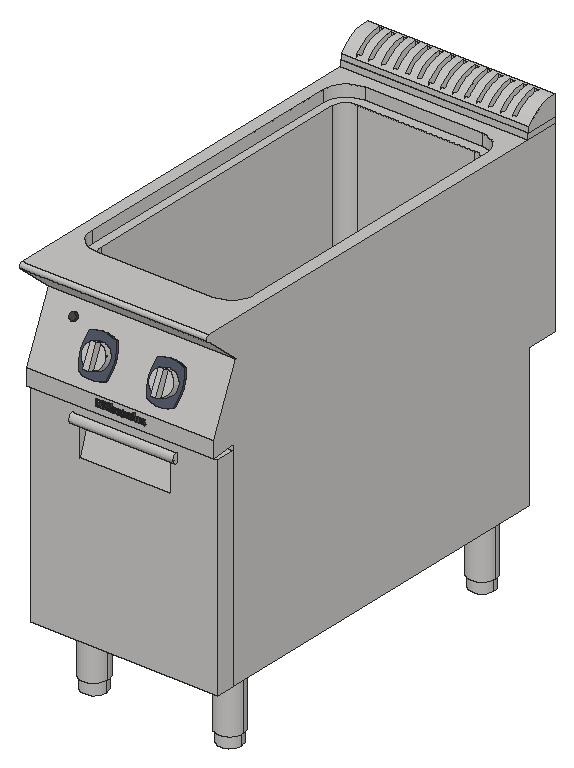
Revit family "QF_ELECTROLUXPROFESSIONAL_391111_E9PCGD1MF0", category Specialty Equipment, Revit 2018
Family settings
  Round Connector Dimension = Use Diameter
  Part Type = Normal
  Work Plane-Based = No
  Always vertical = Yes
  Cut with Voids When Loaded = No
  Shared = No
  Room Calculation Point = No
Parameters
  Width = 400 mm  # constant formula
  Weight in Pounds = 62  # constant formula
  Watts = 0 W
  Waste Water Discharge Temperature [instance] = -459.67 °F
  URL Cutsheet = "www.electrolux.com/foodservice"
  URL = "www.electrolux.com/foodservice"
  Type Mark [instance] = ""
  Status [instance] = ""
  Specification by User [instance] = ""
  Specification by Manufacturer = ""
  Show Logo [instance] = yes
  Show Clearance [instance] = yes
  Serial Number = ""
  Seismic Rating = ""
  SMACNA No = ""
  Revision Code [instance] = ""
  Plumbing Remarks [instance] = ""
  Plumbing Connection Type [instance] = ""
  Omniclass Number and Title = ""
  NAFEM Spec ID Number = ""
  Model = "391111"
  Mechanical Remarks [instance] = ""
  Mechanical Connection Type [instance] = ""
  Masterspec = ""
  Manufacturer = "ELECTROLUX"
  Item Number [instance] = ""
  Installed By [instance] = ""
  Indirect Waste Size = 1"
  Indirect Waste Flow [instance] = 0 GPM
  Indirect Waste Connection Type [instance] = ""
  Indirect Waste Connection Height = 0 mm
  Identify Quantity as Lot [instance] = yes
  Height = 851 mm  # constant formula
  HP = "0 HP"
  Gas Size = 1/2"
  Gas RI Height [instance] = 0 mm
  Gas KW = 16.5  # constant formula
  Gas Input = 16484.8 VA  # 56248.5 Btu/h
  Gas Connection Height = 0 mm
  Furnished By [instance] = ""
  Foodservice Equipment Identifier [instance] = yes
  Direct Waste Size = 1"
  Description = "900XP GAS PASTA COOKER, 40LT WELL, 1 WELL"
  Depth = 930 mm  # constant formula
  Cold Water Temperature Recommended [instance] = -459.67 °F
  Cold Water Size = 3/4"
  Cold Water RI Height [instance] = 0 mm
  Cold Water Minimum Pressure = 0.00 psi
  Cold Water Maximum Pressure = 0.00 psi
  Cold Water Flow [instance] = 0 GPM
  Cold Water Consumption = ""
  Cold Water Connection Height = 0 mm
  CSI MasterFormat = ""
  CSI Master Format = ""
  Base Height [instance] = 150 mm  # constant formula
Reference planes
  plane 1 "BACK": y = 0
  plane 2: z = 0
  plane 3 "LEFT": x = 0
  plane 4 "RIGHT": x = 400
  plane 5 "FRONT": y = -930
  plane 6 "TOP": z = 908
  plane 7 "Center Y": x = 200
  plane 8 "Center X": y = -465
  plane 9 "BASE": z = 601.763
  plane 10 "TOP A": z = 851
  plane 11: z = 150
  plane 12: y = -126
  plane 13: y = -800
  plane 14: y = -1273
  plane 15: x = 345
  plane 16: x = 55
  plane 17: y = -1273
  plane 18: x = 65
  plane 19: x = 232
  plane 20: x = 334.782
Forms (mm)
  Extrusion 1, solid, material "QF_Finishes_Stainless Steel"
    sketch origin (0, 0, 0) x (0, 1, 0) y (0, 0, 1)
      loop
        line (0, 851) -> (-923.65, 851)
        arc (-923.65, 851) -> (-929.517, 847.08) -> (-928.14, 840.16) r 6.35
        line (-928.14, 840.16) -> (-852.034, 773.495) -> (-912.145, 642.892) -> (-912.145, 608.853) -> (-858.773, 614.463) -> (-858.773, 150) -> (-70, 150) -> (-70, 451.763) -> (0, 451.763) -> (0, 851)
      loop
        line (-900, 601.763) -> (-900, 150) -> (-860.361, 150) -> (-860.361, 601.763) -> (-900, 601.763)
    from 0 to 400
  Extrusion 2, void
    sketch origin (0, 0, 851) x (-1, 0, 0) y (0, -1, 0)
      loop
        arc (-75, 101.89) -> (-39.645, 116.535) -> (-25, 151.89) r 50
        line (-25, 151.89) -> (-25, 770)
        arc (-25, 770) -> (-39.645, 805.355) -> (-75, 820) r 50
        line (-75, 820) -> (-325, 820)
        arc (-325, 820) -> (-360.355, 805.355) -> (-375, 770) r 50
        line (-375, 770) -> (-375, 151.89)
        arc (-375, 151.89) -> (-360.355, 116.535) -> (-325, 101.89) r 50
        line (-325, 101.89) -> (-75, 101.89)
    from 0 to -25
  Extrusion 3, solid, material "QF_Clearances", visible <- "Show Clearance", detail levels coarse
    sketch origin (0, 0, 0) x (1, 0, 0) y (0, 1, 0)
      loop
        line (0, -930) -> (0, 0) -> (400, 0) -> (400, -930) -> (550.019, -930) -> (550.019, 150.019) -> (-150.019, 150.019) -> (-150.019, -930) -> (0, -930)
    from 0 to 908
  Revolve 4, solid, material "QF_Finishes_Stainless Steel"
    sketch origin (0, -126, 608.09) x (0, 0, 1) y (-1, 0, 0)
      loop
        line (-608.09, -55) -> (-458.09, -55) -> (-458.09, -26) -> (-583.09, -26) -> (-583.09, -28.75) -> (-608.09, -28.75) -> (-608.09, -55)
      axis (-608.09, -55) -> (-458.09, -55)
    angle from 0 to 360
  Revolve 5, solid, material "QF_Finishes_Stainless Steel"
    sketch origin (400.05, -126, 608.09) x (0, 0, 1) y (-1, 0, 0)
      loop
        line (-608.09, 55.05) -> (-608.09, 29.8) -> (-583.09, 29.8) -> (-583.09, 26.05) -> (-458.09, 26.05) -> (-458.09, 55.05) -> (-608.09, 55.05)
      axis (-608.09, 55.05) -> (-458.09, 55.05)
    angle from 0 to 360
  Extrusion 6, solid, material "QF_Door-Drawer Clearances", visible <- "Show Clearance", detail levels coarse
    sketch origin (0, 0, 851) x (-1, 0, 0) y (0, -1, 0)
      loop
        line (-400, 1273) -> (-400, 900) -> (-0.912, 900)
        arc (-0.912, 900) -> (-126.87, 1165.233) -> (-400, 1273) r 400
    from -701 to -249.237
  Revolve 7, solid, material "QF_Finishes_Stainless Steel"
    sketch origin (400.05, -800, 608.09) x (0, 0, 1) y (-1, 0, 0)
      loop
        line (-608.09, 55.05) -> (-608.09, 29.8) -> (-583.09, 29.8) -> (-583.09, 26.05) -> (-458.09, 26.05) -> (-458.09, 55.05) -> (-608.09, 55.05)
      axis (-608.09, 55.05) -> (-458.09, 55.05)
    angle from 0 to 360
  Extrusion 8, solid, material "QF_Finishes_Stainless Steel"
    sketch origin (200, 0, 0) x (0, 1, 0) y (0, 0, 1)
      loop
        line (-71.89, 863.9) -> (-71.89, 851) -> (0, 851) -> (0, 863.9) -> (-71.89, 863.9)
    from -200 to 200
  Extrusion 9, void
    sketch origin (200, -12.863, 0) x (0, 1, 0) y (0, 0, 1)
      loop
        line (-887.138, 564.263) -> (-887.138, 500.55) -> (-863.948, 564.263) -> (-887.138, 564.263)
    from -96.424 to 99.144
  Extrusion 10, solid, material "QF_Finishes_Stainless Steel"
    sketch origin (200, -12.863, 22.5) x (0, 1, 0) y (0, 0, 1)
      loop
        line (-887.137, 541.763) -> (-887.137, 561.763)
        arc (-887.137, 561.763) -> (-897.137, 551.763) -> (-887.137, 541.763) r 10
    from -110.529 to 112.106
  Revolve 11, solid, material "QF_Finishes_Stainless Steel"
    sketch origin (0, -800, 608.09) x (0, 0, 1) y (1, 0, 0)
      loop
        line (-608.09, 55) -> (-608.09, 28.75) -> (-583.09, 28.75) -> (-583.09, 26) -> (-458.09, 26) -> (-458.09, 55) -> (-608.09, 55)
      axis (-608.09, 55) -> (-458.09, 55)
    angle from 0 to 360
  Extrusion 12, solid, material "QF_Finishes_Stainless Steel"
    sketch origin (0, 0, 574.263) x (0, 1, 0) y (0, 0, 1)
      loop
        line (0, 289.638) -> (0, 333.737)
        arc (0, 333.737) -> (-39.336, 326.03) -> (-69.85, 300.038) r 79.141
        line (-69.85, 300.038) -> (-69.85, 289.638) -> (0, 289.638)
    from 0 to 400
  Extrusion 13, void
    sketch origin (0, 0, 848.9) x (0, -1, 0) y (1, 0, 0)
      loop
        line (6.761, 28.703) -> (63.911, 28.703) -> (63.911, 37.999) -> (6.761, 37.999) -> (6.761, 28.703)
      loop
        line (63.911, 63.487) -> (6.761, 63.487) -> (6.761, 54.191) -> (63.911, 54.191) -> (63.911, 63.487)
      loop
        line (63.911, 89.975) -> (6.761, 89.975) -> (6.761, 80.68) -> (63.911, 80.68) -> (63.911, 89.975)
      loop
        line (63.911, 115.464) -> (6.761, 115.464) -> (6.761, 106.168) -> (63.911, 106.168) -> (63.911, 115.464)
      loop
        line (63.911, 140.952) -> (6.761, 140.952) -> (6.761, 131.656) -> (63.911, 131.656) -> (63.911, 140.952)
      loop
        line (63.911, 166.44) -> (6.761, 166.44) -> (6.761, 157.145) -> (63.911, 157.145) -> (63.911, 166.44)
      loop
        line (63.911, 191.929) -> (6.761, 191.929) -> (6.761, 182.633) -> (63.911, 182.633) -> (63.911, 191.929)
      loop
        line (63.911, 217.417) -> (6.761, 217.417) -> (6.761, 208.121) -> (63.911, 208.121) -> (63.911, 217.417)
      loop
        line (63.911, 242.905) -> (6.761, 242.905) -> (6.761, 233.61) -> (63.911, 233.61) -> (63.911, 242.905)
      loop
        line (63.911, 268.394) -> (6.761, 268.394) -> (6.761, 259.098) -> (63.911, 259.098) -> (63.911, 268.394)
      loop
        line (63.911, 293.882) -> (6.761, 293.882) -> (6.761, 284.586) -> (63.911, 284.586) -> (63.911, 293.882)
      loop
        line (63.911, 319.37) -> (6.761, 319.37) -> (6.761, 310.075) -> (63.911, 310.075) -> (63.911, 319.37)
      loop
        line (63.911, 345.859) -> (6.761, 345.859) -> (6.761, 336.563) -> (63.911, 336.563) -> (63.911, 345.859)
      loop
        line (63.911, 370.347) -> (6.761, 370.347) -> (6.761, 361.051) -> (63.911, 361.051) -> (63.911, 370.347)
    from 25.4 to 63.5
  Extrusion 14, solid, material "QF_Finishes_Navy Blue", visible <- "Show Logo"
    sketch origin (0, -912.145, 608.853) x (0, 0, 1) y (-1, 0, 0)
      loop
        line (27.359, -159.055) -> (14.993, -159.055)
        arc (14.993, -159.055) -> (21.176, -163.626) -> (27.359, -159.055) r 6.467
      loop
        arc (27.359, -158.426) -> (26.19, -153.283) -> (21.534, -150.805) r 6.338
        line (21.534, -150.805) -> (21.534, -152.851)
        arc (21.534, -152.851) -> (23.018, -156.506) -> (26.464, -158.426) r 5.941
        line (26.464, -158.426) -> (27.359, -158.426)
      loop
        arc (15.888, -158.426) -> (19.334, -156.506) -> (20.817, -152.851) r 5.941
        line (20.817, -152.851) -> (20.817, -150.805)
        arc (20.817, -150.805) -> (16.123, -153.279) -> (14.834, -158.426) r 6.504
        line (14.834, -158.426) -> (15.888, -158.426)
      loop
        line (28.034, -150.336) -> (14.29, -150.336) -> (14.29, -164.099) -> (28.034, -164.099) -> (28.034, -150.336)
      loop
        arc (28.118, -167.066) -> (27.77, -166.709) -> (27.403, -167.047) r 0.358
        arc (27.403, -167.047) -> (27.089, -167.797) -> (26.372, -168.182) r 1.216
        line (26.372, -168.182) -> (15.959, -168.182)
        arc (15.959, -168.182) -> (15.299, -167.904) -> (14.903, -167.308) r 1.238
        arc (14.903, -167.308) -> (14.509, -167.057) -> (14.203, -167.411) r 0.358
        line (14.203, -167.411) -> (14.203, -177.29) -> (16.954, -177.29) -> (16.954, -176.393)
        arc (16.954, -176.393) -> (16.045, -175.813) -> (15.589, -174.836) r 1.928
        line (15.589, -174.836) -> (15.589, -172.337)
        arc (15.589, -172.337) -> (15.865, -171.608) -> (16.553, -171.244) r 1.101
        line (16.553, -171.244) -> (20.64, -171.244) -> (20.64, -174.917)
        arc (20.64, -174.917) -> (20.287, -175.414) -> (19.722, -175.642) r 1.083
        arc (19.722, -175.642) -> (19.459, -175.948) -> (19.751, -176.226) r 0.292
        line (19.751, -176.226) -> (22.713, -176.226)
        arc (22.713, -176.226) -> (23.016, -175.953) -> (22.777, -175.623) r 0.305
        arc (22.777, -175.623) -> (22.286, -175.375) -> (21.981, -174.917) r 1.083
        line (21.981, -174.917) -> (21.981, -171.244) -> (26.659, -171.244) -> (26.659, -174.991)
        arc (26.659, -174.991) -> (26.444, -175.747) -> (25.838, -176.245) r 1.314
        arc (25.838, -176.245) -> (25.619, -176.649) -> (25.973, -176.941) r 0.361
        line (25.973, -176.941) -> (28.118, -176.941) -> (28.118, -167.066)
      loop
        arc (27.4, -177.722) -> (27.02, -178.641) -> (26.101, -179.021) r 1.299
        line (26.101, -179.021) -> (16.522, -179.021)
        arc (16.522, -179.021) -> (15.684, -178.643) -> (15.413, -177.765) r 1.118
        line (15.413, -177.765) -> (14.203, -177.765) -> (14.203, -183.115) -> (15.391, -183.115)
        arc (15.391, -183.115) -> (15.663, -182.198) -> (16.533, -181.802) r 1.153
        line (16.533, -181.802) -> (28.605, -181.802) -> (27.4, -177.722)
      loop
        line (19.168, -185.751) -> (19.168, -192.198) -> (19.967, -192.198)
        arc (19.967, -192.198) -> (22.547, -191.214) -> (23.816, -188.76) r 3.874
        line (23.816, -188.76) -> (23.816, -187)
        arc (23.816, -187) -> (22.629, -184.135) -> (19.765, -182.949) r 4.051
        line (19.765, -182.949) -> (17.757, -182.949)
        arc (17.757, -182.949) -> (14.938, -184.434) -> (13.887, -187.441) r 4.352
        arc (13.887, -187.441) -> (14.251, -189.904) -> (15.629, -191.978) r 5.713
        line (15.629, -191.978) -> (16.578, -191.978)
        arc (16.578, -191.978) -> (15.845, -190.409) -> (15.629, -188.691) r 5.579
        arc (15.629, -188.691) -> (16.422, -186.728) -> (18.301, -185.751) r 3.057
        line (18.301, -185.751) -> (19.168, -185.751)
      loop
        line (20.427, -185.751) -> (20.427, -189.333)
        arc (20.427, -189.333) -> (21.884, -189.38) -> (22.767, -188.221) r 1.59
        line (22.767, -188.221) -> (22.767, -187.391)
        arc (22.767, -187.391) -> (21.902, -186.136) -> (20.427, -185.751) r 2.184
      loop
        arc (23.218, -201.616) -> (23.707, -199.942) -> (23.864, -198.205) r 9.023
        line (23.864, -198.205) -> (23.864, -196.843)
        arc (23.864, -196.843) -> (22.705, -194.043) -> (19.905, -192.883) r 3.959
        line (19.905, -192.883) -> (17.305, -192.883)
        arc (17.305, -192.883) -> (15.023, -194.176) -> (13.906, -196.549) r 4.331
        line (13.906, -196.549) -> (13.906, -198.684)
        arc (13.906, -198.684) -> (14.414, -200.234) -> (15.336, -201.58) r 5.772
        arc (15.336, -201.58) -> (16.098, -201.631) -> (16.184, -200.872) r 0.553
        arc (16.184, -200.872) -> (15.796, -200.138) -> (15.662, -199.319) r 2.573
        line (15.662, -199.319) -> (15.662, -197.804)
        arc (15.662, -197.804) -> (16.668, -196.162) -> (18.483, -195.52) r 2.884
        line (18.483, -195.52) -> (19.762, -195.52)
        arc (19.762, -195.52) -> (21.583, -196.08) -> (22.509, -197.745) r 2.554
        line (22.509, -197.745) -> (22.509, -198.798)
        arc (22.509, -198.798) -> (22.178, -199.726) -> (21.521, -200.461) r 2.564
        arc (21.521, -200.461) -> (21.299, -201.178) -> (21.909, -201.616) r 0.643
        line (21.909, -201.616) -> (23.218, -201.616)
      loop
        line (22.2, -201.886) -> (22.2, -203.387) -> (16.152, -203.387)
        arc (16.152, -203.387) -> (14.564, -204.045) -> (13.906, -205.633) r 2.246
        line (13.906, -205.633) -> (13.906, -207.217)
        arc (13.906, -207.217) -> (14.22, -208.081) -> (14.72, -208.853) r 4.06
        arc (14.72, -208.853) -> (15.453, -208.986) -> (15.704, -208.285) r 0.576
        arc (15.704, -208.285) -> (15.598, -207.759) -> (15.662, -207.227) r 1.69
        arc (15.662, -207.227) -> (16.204, -206.439) -> (17.11, -206.136) r 1.506
        line (17.11, -206.136) -> (22.248, -206.136) -> (22.248, -208.533) -> (22.805, -209.089) -> (23.626, -209.089) -> (23.626, -206.23) -> (26.857, -206.23) -> (22.2, -201.886)
      loop
        line (14.124, -209.987) -> (14.124, -215.374) -> (15.234, -215.374)
        arc (15.234, -215.374) -> (15.627, -214.423) -> (16.578, -214.029) r 1.345
        line (16.578, -214.029) -> (20.195, -214.029)
        arc (20.195, -214.029) -> (20.959, -214.621) -> (21.249, -215.543) r 1.615
        line (21.249, -215.543) -> (21.249, -217.099) -> (23.805, -217.784) -> (23.805, -216.401) -> (21.862, -213.842) -> (23.742, -213.842) -> (23.458, -211.136)
        arc (23.458, -211.136) -> (23.018, -210.606) -> (22.359, -210.807) r 0.621
        arc (22.359, -210.807) -> (21.959, -211.149) -> (21.465, -211.332) r 1.501
        line (21.465, -211.332) -> (16.578, -211.332)
        arc (16.578, -211.332) -> (15.627, -210.938) -> (15.234, -209.987) r 1.345
        line (15.234, -209.987) -> (14.124, -209.987)
      loop
        line (20.225, -217.321) -> (17.533, -217.321)
        arc (17.533, -217.321) -> (15.088, -218.629) -> (13.954, -221.159) r 4.288
        arc (13.954, -221.159) -> (13.89, -222.54) -> (13.954, -223.92) r 15.022
        arc (13.954, -223.92) -> (15.088, -226.451) -> (17.533, -227.758) r 4.288
        line (17.533, -227.758) -> (20.225, -227.758)
        arc (20.225, -227.758) -> (22.671, -226.451) -> (23.805, -223.92) r 4.288
        arc (23.805, -223.92) -> (23.868, -222.54) -> (23.805, -221.159) r 15.022
        arc (23.805, -221.159) -> (22.671, -218.629) -> (20.225, -217.321) r 4.288
      loop
        line (20.43, -220.435) -> (17.328, -220.435)
        arc (17.328, -220.435) -> (15.171, -222.592) -> (17.328, -224.749) r 2.157
        line (17.328, -224.749) -> (20.43, -224.749)
        arc (20.43, -224.749) -> (22.587, -222.592) -> (20.43, -220.435) r 2.157
      loop
        arc (27.411, -227.616) -> (27.041, -228.51) -> (26.147, -228.881) r 1.264
        line (26.147, -228.881) -> (16.282, -228.881)
        arc (16.282, -228.881) -> (15.412, -228.484) -> (15.141, -227.568) r 1.153
        line (15.141, -227.568) -> (14.203, -227.568) -> (14.203, -232.676) -> (15.131, -232.676)
        arc (15.131, -232.676) -> (15.49, -231.904) -> (16.282, -231.589) r 1.153
        line (16.282, -231.589) -> (28.605, -231.589) -> (27.411, -227.616)
      loop
        arc (22.531, -232.213) -> (22.332, -233.278) -> (21.363, -233.76) r 1.215
        line (21.363, -233.76) -> (16.343, -233.76)
        arc (16.343, -233.76) -> (14.728, -234.407) -> (14.008, -235.99) r 2.338
        line (14.008, -235.99) -> (14.008, -237.505)
        arc (14.008, -237.505) -> (14.182, -238.509) -> (14.684, -239.395) r 2.979
        line (14.684, -239.395) -> (14.203, -241.192) -> (14.203, -242.88) -> (23.629, -242.88) -> (23.335, -238.677) -> (22.548, -238.677)
        arc (22.548, -238.677) -> (22.192, -239.513) -> (21.44, -240.022) r 1.605
        line (21.44, -240.022) -> (16.337, -240.022)
        arc (16.337, -240.022) -> (15.917, -239.085) -> (15.844, -238.061) r 2.94
        arc (15.844, -238.061) -> (16.405, -236.96) -> (17.558, -236.517) r 1.724
        line (17.558, -236.517) -> (23.755, -236.517) -> (22.531, -232.213)
      loop
        line (23.559, -243.734) -> (21.887, -245.78) -> (18.713, -248.086) -> (15.257, -244.974)
        arc (15.257, -244.974) -> (15.02, -244.58) -> (15.042, -244.121) r 0.789
        line (15.042, -244.121) -> (14.203, -244.121) -> (14.203, -247.666) -> (15.029, -247.666)
        arc (15.029, -247.666) -> (15.372, -247.304) -> (15.862, -247.396) r 0.52
        line (15.862, -247.396) -> (17.661, -248.867) -> (15.543, -250.242)
        arc (15.543, -250.242) -> (15.142, -249.932) -> (15.055, -249.433) r 0.7
        line (15.055, -249.433) -> (14.203, -249.433) -> (14.203, -255.36) -> (15.09, -255.36)
        arc (15.09, -255.36) -> (15.157, -254.701) -> (15.552, -254.17) r 1.247
        line (15.552, -254.17) -> (19.751, -250.889) -> (22.198, -252.942) -> (23.559, -254.684) -> (23.559, -250.96) -> (22.074, -251.383) -> (20.553, -250.106) -> (22.253, -248.916) -> (23.559, -249.692) -> (23.559, -243.734)
    from 0 to 1.644
  Extrusion 15, void
    sketch origin (0, 0, 791) x (0, 1, 0) y (-1, 0, 0)
      loop
        arc (-121.89, -75) -> (-130.677, -53.787) -> (-151.89, -45) r 30
        line (-151.89, -45) -> (-606.643, -45)
        arc (-606.643, -45) -> (-627.856, -53.787) -> (-636.643, -75) r 30
        line (-636.643, -75) -> (-636.643, -325)
        arc (-636.643, -325) -> (-627.856, -346.213) -> (-606.643, -355) r 30
        line (-606.643, -355) -> (-151.89, -355)
        arc (-151.89, -355) -> (-130.677, -346.213) -> (-121.89, -325) r 30
        line (-121.89, -325) -> (-121.89, -75)
    from 35 to -339.237
  Extrusion 16, void
    sketch origin (0, -1273.285, 791) x (0, 1, 0) y (-1, 0, 0)
      loop
        line (473.285, -75) -> (473.285, -325)
        arc (473.285, -325) -> (482.072, -346.213) -> (503.285, -355) r 30
        line (503.285, -355) -> (666.643, -355)
        arc (666.643, -355) -> (645.429, -346.213) -> (636.643, -325) r 30
        line (636.643, -325) -> (636.643, -75)
        arc (636.643, -75) -> (645.429, -53.787) -> (666.643, -45) r 30
        line (666.643, -45) -> (503.285, -45)
        arc (503.285, -45) -> (482.072, -53.787) -> (473.285, -75) r 30
    from 35 to -189.237
  Extrusion 17, solid, material "QF_Finishes_Stainless Steel"
    sketch origin (0, 0, 0) x (1, 0, 0) y (0, 1, 0)
      loop
        circle (232, -780) r 12.7
    from 176 to 292.788
  Extrusion 18, solid, material "QF_Finishes_Stainless Steel"
    sketch origin (-72.372, 89.372, 0) x (1, 0, 0) y (0, 1, 0)
      loop
        circle (137.372, -792.372) r 6.35
    from 190 to 292.788
  Extrusion 19, solid, material "QF_Finishes_Stainless Steel"
    sketch origin (152.628, 92.372, 0) x (1, 0, 0) y (0, 1, 0)
      loop
        circle (182.372, -792.372) r 9.525
    from 200 to 331.575
  Extrusion 20, solid, material "QF_Finishes_Navy Blue"
    sketch origin (-405.52, -913.486, 639.979) x (0, 0.418102, 0.9084) y (-1, 0, 0)
      loop
        arc (102.623, -510.47) -> (67.041, -502.846) -> (31.333, -509.853) r 90.5
        arc (31.333, -509.853) -> (24.507, -539.04) -> (31.333, -568.228) r 65.817
        arc (31.333, -568.228) -> (67.04, -575.188) -> (102.623, -567.615) r 91.066
        arc (102.623, -567.615) -> (109.179, -539.043) -> (102.623, -510.47) r 65.546
    from 0 to 3.175
  Extrusion 21, solid, material "QF_Finishes_Stainless Steel"
    sketch origin (-26.77, -917.2, 639.505) x (0, 0.418102, 0.9084) y (-1, 0, 0)
      loop
        circle (68.826, -160.963) r 25.4
    from 0 to 12.7
  Extrusion 22, solid, material "QF_Finishes_Stainless Steel"
    sketch origin (-26.77, -928.736, 644.814) x (0, 0.418102, 0.9084) y (-1, 0, 0)
      loop
        arc (93.558, -166.749) -> (94.226, -160.963) -> (93.558, -155.177) r 25.4
        line (93.558, -155.177) -> (44.094, -155.177)
        arc (44.094, -155.177) -> (43.426, -160.963) -> (44.094, -166.749) r 25.4
        line (44.094, -166.749) -> (93.558, -166.749)
    from 0 to 12.7
  Extrusion 23, solid, material "QF_Finishes_Navy Blue"
    sketch origin (-260.52, -913.486, 639.979) x (0, 0.418102, 0.9084) y (-1, 0, 0)
      loop
        arc (102.623, -510.47) -> (67.041, -502.846) -> (31.333, -509.853) r 90.5
        arc (31.333, -509.853) -> (24.507, -539.04) -> (31.333, -568.228) r 65.817
        arc (31.333, -568.228) -> (67.04, -575.188) -> (102.623, -567.615) r 91.066
        arc (102.623, -567.615) -> (109.179, -539.043) -> (102.623, -510.47) r 65.546
    from 0 to 3.175
  Extrusion 24, solid, material "QF_Finishes_Stainless Steel"
    sketch origin (118.23, -917.2, 639.505) x (0, 0.418102, 0.9084) y (-1, 0, 0)
      loop
        circle (68.826, -160.963) r 25.4
    from 0 to 12.7
  Extrusion 25, solid, material "QF_Finishes_Stainless Steel"
    sketch origin (118.23, -928.736, 644.814) x (0, 0.418102, 0.9084) y (-1, 0, 0)
      loop
        arc (93.558, -166.749) -> (94.226, -160.963) -> (93.558, -155.177) r 25.4
        line (93.558, -155.177) -> (44.094, -155.177)
        arc (44.094, -155.177) -> (43.426, -160.963) -> (44.094, -166.749) r 25.4
        line (44.094, -166.749) -> (93.558, -166.749)
    from 0 to 12.7
  Extrusion 26, solid, material "QF_Finishes_Black"
    sketch origin (-36.317, -915, 636.69) x (0, 0.418102, 0.9084) y (-1, 0, 0)
      loop
        circle (117.556, -101.317) r 7.5
    from 0 to 4
Cuts and joins
  Extrusion 2, Extrusion 9, Extrusion 15, Extrusion 16 cuts Extrusion 1
  Extrusion 13 cuts Extrusion 12
Lines and regions (mm)
  Split face 1
    outline origin (-405.52, -916.37, 641.306) x (0, 0.418102, 0.9084) y (-1, 0, 0)
      loop
        arc (67.041, -503.158) -> (48.669, -506.69) -> (35.363, -519.842) r 32.191
        line (35.363, -519.842) -> (45.047, -525.087)
        arc (45.047, -525.087) -> (54.648, -516.737) -> (67.041, -513.859) r 26.351
        line (67.041, -513.859) -> (67.041, -503.158)
  Split face 2
    outline origin (-405.52, -916.37, 641.306) x (0, 0.418102, 0.9084) y (-1, 0, 0)
      loop
        line (44.251, -526.293) -> (34.615, -521.075)
        arc (34.615, -521.075) -> (41.047, -560.592) -> (81.049, -562.261) r 31.684
        arc (81.049, -562.261) -> (48.21, -559.05) -> (44.251, -526.293) r 26.351
  Split face 3
    outline origin (-260.52, -916.37, 641.306) x (0, 0.418102, 0.9084) y (-1, 0, 0)
      loop
        arc (67.041, -503.158) -> (48.669, -506.69) -> (35.363, -519.842) r 32.191
        line (35.363, -519.842) -> (45.047, -525.087)
        arc (45.047, -525.087) -> (54.648, -516.737) -> (67.041, -513.859) r 26.351
        line (67.041, -513.859) -> (67.041, -503.158)
  Split face 4
    outline origin (-260.52, -916.37, 641.306) x (0, 0.418102, 0.9084) y (-1, 0, 0)
      loop
        line (44.251, -526.293) -> (34.615, -521.075)
        arc (34.615, -521.075) -> (41.047, -560.592) -> (81.049, -562.261) r 31.684
        arc (81.049, -562.261) -> (48.21, -559.05) -> (44.251, -526.293) r 26.351
  symbolic lines, style "QF_Clearances", visible <- "Show Clearance", detail levels coarse
    curve 1: line (-150.019, 150.019, 851) -> (-150.019, -930, 851)
    curve 2: line (550.019, 150.019, 851) -> (-150.019, 150.019, 851)
    curve 3: line (550.019, -930, 851) -> (550.019, 150.019, 851)
  symbolic lines
    curve 4: line (0, -930, 851) -> (0, 0, 851)
    curve 5: line (400, 0, 851) -> (400, -930, 851)
    curve 6: line (400, -930, 851) -> (0, -930, 851)
    curve 9: line (0, -71.89, 851) -> (400, -71.89, 851)
    curve 10: line (0, 0, 851) -> (400, 0, 851)
    curve 11: line (28.703, -6.761, 851) -> (37.999, -6.761, 851)
    curve 12: line (28.703, -63.911, 851) -> (28.703, -6.761, 851)
    curve 13: line (37.999, -63.911, 851) -> (28.703, -63.911, 851)
    curve 14: line (37.999, -6.761, 851) -> (37.999, -63.911, 851)
    curve 15: line (54.191, -6.761, 851) -> (63.487, -6.761, 851)
    curve 16: line (54.191, -63.911, 851) -> (54.191, -6.761, 851)
    curve 17: line (63.487, -63.911, 851) -> (54.191, -63.911, 851)
    curve 18: line (63.487, -6.761, 851) -> (63.487, -63.911, 851)
    curve 19: line (80.68, -6.761, 851) -> (89.975, -6.761, 851)
    curve 20: line (80.68, -63.911, 851) -> (80.68, -6.761, 851)
    curve 21: line (89.975, -63.911, 851) -> (80.68, -63.911, 851)
    curve 22: line (89.975, -6.761, 851) -> (89.975, -63.911, 851)
    curve 23: line (106.168, -6.761, 851) -> (115.464, -6.761, 851)
    curve 24: line (106.168, -63.911, 851) -> (106.168, -6.761, 851)
    curve 25: line (115.464, -63.911, 851) -> (106.168, -63.911, 851)
    curve 26: line (115.464, -6.761, 851) -> (115.464, -63.911, 851)
    curve 27: line (131.656, -6.761, 851) -> (140.952, -6.761, 851)
    curve 28: line (131.656, -63.911, 851) -> (131.656, -6.761, 851)
    curve 29: line (140.952, -63.911, 851) -> (131.656, -63.911, 851)
    curve 30: line (140.952, -6.761, 851) -> (140.952, -63.911, 851)
    curve 31: line (157.145, -6.761, 851) -> (166.44, -6.761, 851)
    curve 32: line (157.145, -63.911, 851) -> (157.145, -6.761, 851)
    curve 33: line (166.44, -63.911, 851) -> (157.145, -63.911, 851)
    curve 34: line (166.44, -6.761, 851) -> (166.44, -63.911, 851)
    curve 35: line (182.633, -6.761, 851) -> (191.929, -6.761, 851)
    curve 36: line (182.633, -63.911, 851) -> (182.633, -6.761, 851)
    curve 37: line (191.929, -63.911, 851) -> (182.633, -63.911, 851)
    curve 38: line (191.929, -6.761, 851) -> (191.929, -63.911, 851)
    curve 39: line (208.121, -6.761, 851) -> (218.417, -6.761, 851)
    curve 40: line (208.121, -63.911, 851) -> (208.121, -6.761, 851)
    curve 41: line (218.417, -63.911, 851) -> (208.121, -63.911, 851)
    curve 42: line (218.417, -6.761, 851) -> (218.417, -63.911, 851)
    curve 43: line (234.61, -6.761, 851) -> (243.905, -6.761, 851)
    curve 44: line (234.61, -63.911, 851) -> (234.61, -6.761, 851)
    curve 45: line (243.905, -63.911, 851) -> (234.61, -63.911, 851)
    curve 46: line (243.905, -6.761, 851) -> (243.905, -63.911, 851)
    curve 47: line (260.098, -6.761, 851) -> (269.394, -6.761, 851)
    curve 48: line (260.098, -63.911, 851) -> (260.098, -6.761, 851)
    curve 49: line (269.394, -63.911, 851) -> (260.098, -63.911, 851)
    curve 50: line (269.394, -6.761, 851) -> (269.394, -63.911, 851)
    curve 51: line (285.586, -6.761, 851) -> (294.882, -6.761, 851)
    curve 52: line (285.586, -63.911, 851) -> (285.586, -6.761, 851)
    curve 53: line (294.882, -63.911, 851) -> (285.586, -63.911, 851)
    curve 54: line (294.882, -6.761, 851) -> (294.882, -63.911, 851)
    curve 55: line (311.075, -6.761, 851) -> (320.37, -6.761, 851)
    curve 56: line (311.075, -63.911, 851) -> (311.075, -6.761, 851)
    curve 57: line (320.37, -63.911, 851) -> (311.075, -63.911, 851)
    curve 58: line (320.37, -6.761, 851) -> (320.37, -63.911, 851)
    curve 59: line (336.563, -6.761, 851) -> (345.859, -6.761, 851)
    curve 60: line (336.563, -63.911, 851) -> (336.563, -6.761, 851)
    curve 61: line (345.859, -63.911, 851) -> (336.563, -63.911, 851)
    curve 62: line (345.859, -6.761, 851) -> (345.859, -63.911, 851)
    curve 63: line (361.051, -6.761, 851) -> (370.347, -6.761, 851)
    curve 64: line (361.051, -63.911, 851) -> (361.051, -6.761, 851)
    curve 65: line (370.347, -63.911, 851) -> (361.051, -63.911, 851)
    curve 66: line (370.347, -6.761, 851) -> (370.347, -63.911, 851)
    curve 67: line (25, -770, 851) -> (25, -151.89, 851)
    curve 68: arc (25, -151.89, 851) -> (39.645, -116.535, 851) -> (75, -101.89, 851) r 50
    curve 69: line (75, -101.89, 851) -> (325, -101.89, 851)
    curve 70: arc (325, -101.89, 851) -> (360.355, -116.535, 851) -> (375, -151.89, 851) r 50
    curve 71: line (375, -151.89, 851) -> (375, -770, 851)
    curve 72: arc (375, -770, 851) -> (360.355, -805.355, 851) -> (325, -820, 851) r 50
    curve 73: line (325, -820, 851) -> (75, -820, 851)
    curve 74: arc (75, -820, 851) -> (39.645, -805.355, 851) -> (25, -770, 851) r 50
    curve 75: line (75, -121.89, 851) -> (325, -121.89, 851)
    curve 76: arc (325, -121.89, 851) -> (346.213, -130.677, 851) -> (355, -151.89, 851) r 30
    curve 77: line (355, -151.89, 851) -> (355, -770, 851)
    curve 78: arc (355, -770, 851) -> (346.213, -791.213, 851) -> (325, -800, 851) r 30
    curve 79: line (325, -800, 851) -> (75, -800, 851)
    curve 80: arc (75, -800, 851) -> (53.787, -791.213, 851) -> (45, -770, 851) r 30
    curve 81: line (45, -770, 851) -> (45, -151.89, 851)
    curve 82: arc (45, -151.89, 851) -> (53.787, -130.677, 851) -> (75, -121.89, 851) r 30
    curve 83: line (75, -636.643, 851) -> (325, -636.643, 851)
    curve 84: arc (45, -606.643, 851) -> (53.787, -627.856, 851) -> (75, -636.643, 851) r 30
    curve 85: arc (325, -636.643, 851) -> (346.213, -627.856, 851) -> (355, -606.643, 851) r 30
    curve 86: line (65, -606.643, 851) -> (65, -151.89, 851)
    curve 87: line (75, -616.643, 851) -> (325, -616.643, 851)
    curve 88: arc (65, -606.643, 851) -> (67.929, -613.714, 851) -> (75, -616.643, 851) r 10
    curve 89: arc (325, -616.643, 851) -> (332.071, -613.714, 851) -> (335, -606.643, 851) r 10
    curve 90: line (335, -151.89, 851) -> (335, -606.643, 851)
    curve 91: arc (325, -141.89, 851) -> (332.071, -144.819, 851) -> (335, -151.89, 851) r 10
    curve 92: line (75, -141.89, 851) -> (325, -141.89, 851)
    curve 93: arc (65, -151.89, 851) -> (67.929, -144.819, 851) -> (75, -141.89, 851) r 10
  symbolic lines, style "QF_Door-Drawer Clearances"
    curve 7: arc (4.082, -930, 851) -> (23.737, -1008.742, 851) -> (58.881, -1081.897, 851) r 400
    curve 8: line (58.881, -1081.897, 851) -> (326.76, -930, 851)
Dimensions and locks
  equal spacing: plane 3 "LEFT", plane 7 "Center Y", plane 4 "RIGHT"
  "Width": plane 3 "LEFT" to plane 4 "RIGHT"
  equal spacing: plane 5 "FRONT", plane 8 "Center X", plane 1 "BACK"
  "Depth": plane 5 "FRONT" to plane 1 "BACK"
  plane 1 "BACK" to plane 5 "FRONT" = 930 mm
  "Base Height": plane 11 to level
  plane 1 "BACK" to plane 12 = 126 mm
  plane 12 to plane 13 to cut or joined group of Extrusion 1, Extrusion 2, Extrusion 9, Extrusion 15, Extrusion 16 = 674 mm, 100 mm
  locked: plane 14 to plane 5 "FRONT" at 343
  plane 4 "RIGHT" to plane 15 = 55 mm
  plane 16 to plane 3 "LEFT" = 55 mm
  plane 5 "FRONT" to plane 1 "BACK" = 930 mm
  plane 4 "RIGHT" to plane 3 "LEFT" = 400 mm
  plane 5 "FRONT" to plane 17 = 343 mm
  plane 1 "BACK" to curve 2 = 150.019 mm
  plane 4 "RIGHT" to curve 3 = 150.019 mm
  curve 1 to plane 3 "LEFT" = 150.019 mm
  "Height": plane 10 "TOP A" to level
  plane 10 "TOP A" to plane 11 = 701 mm
  plane 10 "TOP A" to plane 11 to level = 701 mm, 150 mm
  plane 6 "TOP" to level = 908 mm
  plane 15 to plane 16 = 290 mm
  plane 3 "LEFT" to Extrusion 17 sketch curve = 232 mm
  Extrusion 17 sketch curve to plane 1 "BACK" = 780 mm
  cut or joined group of Extrusion 1, Extrusion 2, Extrusion 9, Extrusion 15, Extrusion 16 to Extrusion 17 = 26 mm
  plane 3 "LEFT" to Extrusion 18 sketch curve = 65 mm
  Extrusion 18 sketch curve to plane 1 "BACK" = 703 mm
  cut or joined group of Extrusion 1, Extrusion 2, Extrusion 9, Extrusion 15, Extrusion 16 to Extrusion 18 = 40 mm
  Extrusion 18 to plane 1 "BACK" = 703 mm
  Extrusion 17 to plane 1 "BACK" = 780 mm
  plane 3 "LEFT" to plane 18 = 65 mm
  plane 3 "LEFT" to plane 19 = 232 mm
  plane 20 to plane 4 "RIGHT" = 65.218 mm
  Extrusion 19 to plane 1 "BACK" = 700 mm
  cut or joined group of Extrusion 1, Extrusion 2, Extrusion 9, Extrusion 15, Extrusion 16 to Extrusion 19 = 50 mm
  plane 1 "BACK" to Extrusion 19 = 700 mm
  plane 1 "BACK" to Extrusion 18 = 703 mm
  plane 1 "BACK" to Extrusion 17 = 780 mm
  aligned and locked: level to plane 2
  aligned and locked: plane 4 "RIGHT" to Extrusion 1
  aligned and locked: plane 6 "TOP" to Extrusion 3
  aligned and locked: plane 13 to Revolve 7
  aligned and locked: plane 12 to Revolve 4
  aligned and locked: plane 12 to Revolve 5
  aligned and locked: plane 4 "RIGHT" to Extrusion 8
  aligned and locked: plane 14 to Extrusion 6 sketch curve
  aligned and locked: plane 13 to Revolve 11
Automatic sketch dimensions
  Extrusion 1 sketch curve to plane 10 "TOP A" = 0 mm
  Extrusion 1 sketch curve to plane 9 "BASE" = 0 mm
  Extrusion 1 sketch curve to plane 11 = 0 mm  (x2)
  Extrusion 1 sketch curve to plane 1 "BACK" = 0 mm
  Extrusion 1 sketch curve to plane 12 = 56 mm
  plane 13 to Extrusion 1 sketch curve = 52.034 mm
  plane 13 to Extrusion 1 sketch curve = 58.773 mm
  Extrusion 1 sketch curve to Extrusion 1 sketch curve = 1.588 mm
  Extrusion 1 sketch curve to plane 5 "FRONT" = 30 mm
  plane 9 "BASE" to Extrusion 1 sketch curve = 7.09 mm
  Extrusion 1 sketch curve to Extrusion 1 sketch curve = 12.145 mm
  Extrusion 1 sketch curve to plane 5 "FRONT" = 6.35 mm
  Extrusion 1 sketch curve to plane 5 "FRONT" = 1.86 mm
  Extrusion 1 sketch curve to plane 9 "BASE" = 150 mm
  plane 9 "BASE" to Extrusion 1 sketch curve = 12.7 mm
  Extrusion 1 sketch curve to Extrusion 1 sketch curve = 34.039 mm
  Extrusion 1 sketch curve to plane 10 "TOP A" = 77.505 mm
  Extrusion 1 sketch curve to plane 10 "TOP A" = 10.84 mm
  Extrusion 2 sketch curve to plane 4 "RIGHT" = 25 mm
  plane 20 to Extrusion 2 sketch curve = 9.782 mm  (x2)
  Extrusion 2 sketch curve to plane 18 = 10 mm  (x2)
  plane 3 "LEFT" to Extrusion 2 sketch curve = 25 mm
  Extrusion 2 sketch curve to plane 12 = 24.11 mm
  Extrusion 2 sketch curve to plane 13 = 30 mm
  plane 5 "FRONT" to Extrusion 3 sketch curve = 0 mm  (x2)
  plane 1 "BACK" to Extrusion 3 sketch curve = 0 mm
  Extrusion 3 sketch curve to plane 3 "LEFT" = 0 mm
  Extrusion 3 sketch curve to plane 4 "RIGHT" = 0 mm
  Extrusion 3 sketch curve to plane 3 "LEFT" = 150.019 mm
  plane 4 "RIGHT" to Extrusion 3 sketch curve = 150.019 mm
  Extrusion 3 sketch curve to plane 1 "BACK" = 150.019 mm
  Revolve 4 sketch curve to level = 0 mm
  Revolve 4 sketch curve to plane 11 = 0 mm  (x2)
  Revolve 4 sketch curve to plane 16 = 0 mm  (x2)
  level to Revolve 4 sketch curve = 25 mm
  plane 11 to Revolve 4 sketch curve = 20 mm
  Revolve 4 sketch curve to plane 16 = 26.25 mm
  plane 3 "LEFT" to Revolve 4 sketch curve = 26 mm
  Revolve 5 sketch curve to level = 0 mm
  Revolve 5 sketch curve to plane 11 = 0 mm  (x2)
  Revolve 5 sketch curve to plane 15 = 0 mm  (x2)
  level to Revolve 5 sketch curve = 25 mm
  plane 11 to Revolve 5 sketch curve = 20 mm
  plane 15 to Revolve 5 sketch curve = 25.25 mm
  Revolve 5 sketch curve to plane 4 "RIGHT" = 26 mm
  Extrusion 6 sketch curve to plane 4 "RIGHT" = 0 mm
  plane 3 "LEFT" to Extrusion 6 sketch curve = 0.912 mm
  Extrusion 6 sketch curve to plane 5 "FRONT" = 30 mm
  Revolve 7 sketch curve to level = 0 mm
  Revolve 7 sketch curve to plane 11 = 0 mm  (x2)
  Revolve 7 sketch curve to plane 15 = 0 mm  (x2)
  level to Revolve 7 sketch curve = 25 mm
  plane 11 to Revolve 7 sketch curve = 20 mm
  plane 15 to Revolve 7 sketch curve = 25.25 mm
  Revolve 7 sketch curve to plane 4 "RIGHT" = 26 mm
  Extrusion 8 sketch curve to plane 10 "TOP A" = 0 mm
  Extrusion 8 sketch curve to plane 1 "BACK" = 0 mm
  plane 10 "TOP A" to Extrusion 8 sketch curve = 12.9 mm
  Extrusion 8 sketch curve to plane 12 = 54.11 mm
  Extrusion 9 sketch curve to plane 5 "FRONT" = 30 mm
  Extrusion 9 sketch curve to Extrusion 9 sketch curve = 23.189 mm
  Extrusion 9 sketch curve to plane 9 "BASE" = 101.212 mm
  Extrusion 9 sketch curve to plane 9 "BASE" = 37.5 mm
  Extrusion 10 sketch curve to plane 5 "FRONT" = 30 mm
  Extrusion 10 sketch curve to plane 9 "BASE" = 37.5 mm
  Extrusion 10 sketch curve to Extrusion 10 sketch curve = 10 mm
  Revolve 11 sketch curve to level = 0 mm
  Revolve 11 sketch curve to plane 11 = 0 mm  (x2)
  Revolve 11 sketch curve to plane 16 = 0 mm  (x2)
  level to Revolve 11 sketch curve = 25 mm
  plane 11 to Revolve 11 sketch curve = 20 mm
  Revolve 11 sketch curve to plane 16 = 26.25 mm
  plane 3 "LEFT" to Revolve 11 sketch curve = 26 mm
  Extrusion 12 sketch curve to plane 1 "BACK" = 0 mm
  Extrusion 12 sketch curve to plane 6 "TOP" = 0 mm
  plane 1 "BACK" to Extrusion 12 sketch curve = 4.947 mm
  plane 10 "TOP A" to Extrusion 12 sketch curve = 23.3 mm
  plane 1 "BACK" to Extrusion 12 sketch curve = 69.85 mm
  plane 10 "TOP A" to Extrusion 12 sketch curve = 12.9 mm
  plane 1 "BACK" to Extrusion 13 sketch curve = 6.761 mm  (x14)
  Extrusion 13 sketch curve to plane 20 = 1.781 mm
  plane 18 to Extrusion 13 sketch curve = 1.513 mm
  Extrusion 13 sketch curve to plane 19 = 1.61 mm
  plane 19 to Extrusion 13 sketch curve = 14.583 mm
  Extrusion 13 sketch curve to Extrusion 13 sketch curve = 57.15 mm
  Extrusion 13 sketch curve to plane 7 "Center Y" = 8.071 mm
  Extrusion 13 sketch curve to Extrusion 13 sketch curve = 0 mm  (x13)
  Extrusion 13 sketch curve to plane 19 = 10.905 mm
  plane 15 to Extrusion 13 sketch curve = 0.859 mm
  Extrusion 13 sketch curve to plane 16 = 0.809 mm
  Extrusion 13 sketch curve to Extrusion 13 sketch curve = 16.193 mm  (x7)
  Extrusion 13 sketch curve to Extrusion 13 sketch curve = 9.296 mm  (x10)
  Extrusion 13 sketch curve to plane 18 = 15.68 mm
  plane 7 "Center Y" to Extrusion 13 sketch curve = 8.121 mm
  Extrusion 13 sketch curve to Extrusion 13 sketch curve = 15.193 mm
  plane 19 to Extrusion 14 sketch curve = 9.46 mm
  plane 9 "BASE" to Extrusion 14 sketch curve = 15.936 mm
  plane 9 "BASE" to Extrusion 14 sketch curve = 20.977 mm
  plane 7 "Center Y" to Extrusion 14 sketch curve = 7.217 mm
  Extrusion 14 sketch curve to Extrusion 14 sketch curve = 5.06 mm
  Extrusion 14 sketch curve to plane 7 "Center Y" = 3.451 mm
  Extrusion 14 sketch curve to Extrusion 14 sketch curve = 0 mm  (x28)
  Extrusion 14 sketch curve to Extrusion 14 sketch curve = 5.108 mm  (x2)
  Extrusion 14 sketch curve to plane 19 = 5.505 mm
  Extrusion 14 sketch curve to Extrusion 14 sketch curve = 0.054 mm
  Extrusion 14 sketch curve to Extrusion 14 sketch curve = 0.218 mm
  Extrusion 14 sketch curve to Extrusion 14 sketch curve = 0.195 mm
  Extrusion 14 sketch curve to Extrusion 14 sketch curve = 0.249 mm
  Extrusion 14 sketch curve to Extrusion 14 sketch curve = 0.316 mm
  Extrusion 14 sketch curve to Extrusion 14 sketch curve = 0.087 mm
  Extrusion 14 sketch curve to Extrusion 14 sketch curve = 0.358 mm
  Extrusion 14 sketch curve to Extrusion 14 sketch curve = 0.481 mm
  Extrusion 14 sketch curve to Extrusion 14 sketch curve = 0.597 mm
  Extrusion 14 sketch curve to Extrusion 14 sketch curve = 0.544 mm
  Extrusion 14 sketch curve to Extrusion 14 sketch curve = 0.936 mm
  Extrusion 14 sketch curve to Extrusion 14 sketch curve = 0.594 mm
  Extrusion 14 sketch curve to Extrusion 14 sketch curve = 0.343 mm
  Extrusion 14 sketch curve to Extrusion 14 sketch curve = 0.159 mm
  Extrusion 14 sketch curve to Extrusion 14 sketch curve = 0.826 mm
  Extrusion 14 sketch curve to Extrusion 14 sketch curve = 0.839 mm
  Extrusion 14 sketch curve to Extrusion 14 sketch curve = 0.852 mm
  Extrusion 14 sketch curve to Extrusion 14 sketch curve = 0.887 mm
  Extrusion 14 sketch curve to Extrusion 14 sketch curve = 0.928 mm
  Extrusion 14 sketch curve to Extrusion 14 sketch curve = 0.938 mm
  Extrusion 14 sketch curve to Extrusion 14 sketch curve = 0.444 mm
  Extrusion 14 sketch curve to Extrusion 14 sketch curve = 1.11 mm  (x3)
  Extrusion 14 sketch curve to plane 19 = 12.974 mm
  Extrusion 14 sketch curve to Extrusion 14 sketch curve = 0.215 mm
  plane 7 "Center Y" to Extrusion 14 sketch curve = 1.58 mm
  Extrusion 14 sketch curve to Extrusion 14 sketch curve = 1.43 mm
  Extrusion 14 sketch curve to Extrusion 14 sketch curve = 1.188 mm
  Extrusion 14 sketch curve to Extrusion 14 sketch curve = 1.21 mm  (x2)
  Extrusion 14 sketch curve to Extrusion 14 sketch curve = 0.503 mm
  Extrusion 14 sketch curve to Extrusion 14 sketch curve = 0.488 mm
  Extrusion 14 sketch curve to Extrusion 14 sketch curve = 0.462 mm
  Extrusion 14 sketch curve to Extrusion 14 sketch curve = 1.386 mm
  Extrusion 14 sketch curve to Extrusion 14 sketch curve = 1.742 mm  (x2)
  Extrusion 14 sketch curve to Extrusion 14 sketch curve = 0.821 mm
  Extrusion 14 sketch curve to Extrusion 14 sketch curve = 0.497 mm
  Extrusion 14 sketch curve to Extrusion 14 sketch curve = 0.539 mm
  Extrusion 14 sketch curve to Extrusion 14 sketch curve = 0.199 mm
  Extrusion 14 sketch curve to Extrusion 14 sketch curve = 0.408 mm
  Extrusion 14 sketch curve to Extrusion 14 sketch curve = 0.528 mm
  Extrusion 14 sketch curve to Extrusion 14 sketch curve = 1.16 mm
  Extrusion 14 sketch curve to Extrusion 14 sketch curve = 0.329 mm
  Extrusion 14 sketch curve to Extrusion 14 sketch curve = 1.054 mm
  Extrusion 14 sketch curve to Extrusion 14 sketch curve = 1.056 mm
  Extrusion 14 sketch curve to Extrusion 14 sketch curve = 0.129 mm
  Extrusion 14 sketch curve to Extrusion 14 sketch curve = 0.489 mm
  Extrusion 14 sketch curve to Extrusion 14 sketch curve = 0.441 mm
  plane 19 to Extrusion 14 sketch curve = 0.411 mm
  Extrusion 14 sketch curve to Extrusion 14 sketch curve = 1.151 mm
  Extrusion 14 sketch curve to Extrusion 14 sketch curve = 1.141 mm  (x2)
  Extrusion 14 sketch curve to Extrusion 14 sketch curve = 0.768 mm
  Extrusion 14 sketch curve to Extrusion 14 sketch curve = 1.653 mm
  Extrusion 14 sketch curve to Extrusion 14 sketch curve = 0.499 mm
  Extrusion 14 sketch curve to Extrusion 14 sketch curve = 0.964 mm
  Extrusion 14 sketch curve to Extrusion 14 sketch curve = 0.949 mm
  Extrusion 14 sketch curve to Extrusion 14 sketch curve = 1.345 mm  (x3)
  Extrusion 14 sketch curve to Extrusion 14 sketch curve = 1.101 mm
  Extrusion 14 sketch curve to Extrusion 14 sketch curve = 0.432 mm
  Extrusion 14 sketch curve to Extrusion 14 sketch curve = 1.142 mm
  Extrusion 14 sketch curve to Extrusion 14 sketch curve = 0.959 mm
  Extrusion 14 sketch curve to Extrusion 14 sketch curve = 0.176 mm
  Extrusion 14 sketch curve to Extrusion 14 sketch curve = 0.728 mm
  Extrusion 14 sketch curve to Extrusion 14 sketch curve = 3.375 mm  (x2)
  Extrusion 14 sketch curve to Extrusion 14 sketch curve = 0.541 mm
  Extrusion 14 sketch curve to Extrusion 14 sketch curve = 0.955 mm
  Extrusion 14 sketch curve to Extrusion 14 sketch curve = 1.251 mm
  Extrusion 14 sketch curve to Extrusion 14 sketch curve = 0.572 mm
  Extrusion 14 sketch curve to Extrusion 14 sketch curve = 1.92 mm
  Extrusion 14 sketch curve to Extrusion 14 sketch curve = 1.224 mm
  Extrusion 14 sketch curve to Extrusion 14 sketch curve = 0.745 mm
  Extrusion 14 sketch curve to Extrusion 14 sketch curve = 2.537 mm
  Extrusion 14 sketch curve to Extrusion 14 sketch curve = 0.896 mm  (x3)
  Extrusion 14 sketch curve to plane 7 "Center Y" = 0.681 mm
  Extrusion 14 sketch curve to Extrusion 14 sketch curve = 2.607 mm
  Extrusion 14 sketch curve to Extrusion 14 sketch curve = 0.066 mm
  Extrusion 14 sketch curve to Extrusion 14 sketch curve = 0.248 mm
  Extrusion 14 sketch curve to Extrusion 14 sketch curve = 0.449 mm
  Extrusion 14 sketch curve to Extrusion 14 sketch curve = 1.052 mm
  Extrusion 14 sketch curve to Extrusion 14 sketch curve = 1.863 mm
  Extrusion 14 sketch curve to Extrusion 14 sketch curve = 1.31 mm  (x2)
  Extrusion 14 sketch curve to Extrusion 14 sketch curve = 0.901 mm
  Extrusion 14 sketch curve to Extrusion 14 sketch curve = 1.107 mm
  Extrusion 14 sketch curve to Extrusion 14 sketch curve = 2.122 mm
  Extrusion 14 sketch curve to Extrusion 14 sketch curve = 2.101 mm
  Extrusion 14 sketch curve to Extrusion 14 sketch curve = 0.106 mm
  Extrusion 14 sketch curve to Extrusion 14 sketch curve = 0.029 mm
  Extrusion 14 sketch curve to Extrusion 14 sketch curve = 2.09 mm
  Extrusion 14 sketch curve to Extrusion 14 sketch curve = 1.279 mm
  Extrusion 14 sketch curve to Extrusion 14 sketch curve = 2.008 mm
  Extrusion 14 sketch curve to Extrusion 14 sketch curve = 0.738 mm
  Extrusion 14 sketch curve to Extrusion 14 sketch curve = 0.382 mm
  Extrusion 14 sketch curve to Extrusion 14 sketch curve = 0.384 mm
  Extrusion 14 sketch curve to Extrusion 14 sketch curve = 0.002 mm
  Extrusion 14 sketch curve to Extrusion 14 sketch curve = 0.561 mm
  Extrusion 14 sketch curve to Extrusion 14 sketch curve = 0.592 mm
  Extrusion 14 sketch curve to Extrusion 14 sketch curve = 2.692 mm
  Extrusion 14 sketch curve to Extrusion 14 sketch curve = 1.259 mm
  Extrusion 14 sketch curve to Extrusion 14 sketch curve = 0.802 mm
  Extrusion 14 sketch curve to Extrusion 14 sketch curve = 1.024 mm  (x2)
  Extrusion 14 sketch curve to Extrusion 14 sketch curve = 0.682 mm
  Extrusion 14 sketch curve to Extrusion 14 sketch curve = 5.934 mm
  Extrusion 14 sketch curve to Extrusion 14 sketch curve = 2.186 mm
  Extrusion 14 sketch curve to Extrusion 14 sketch curve = 0.337 mm
  Extrusion 14 sketch curve to Extrusion 14 sketch curve = 0.021 mm
  Extrusion 14 sketch curve to Extrusion 14 sketch curve = 1.005 mm
  Extrusion 14 sketch curve to Extrusion 14 sketch curve = 0.552 mm
  Extrusion 14 sketch curve to Extrusion 14 sketch curve = 0.778 mm
  Extrusion 14 sketch curve to Extrusion 14 sketch curve = 0.063 mm
  Extrusion 14 sketch curve to Extrusion 14 sketch curve = 1.023 mm
  Extrusion 14 sketch curve to plane 19 = 1.76 mm
  Extrusion 14 sketch curve to Extrusion 14 sketch curve = 3.804 mm
  Extrusion 14 sketch curve to Extrusion 14 sketch curve = 0.486 mm
  Extrusion 14 sketch curve to Extrusion 14 sketch curve = 0.266 mm
  plane 7 "Center Y" to Extrusion 14 sketch curve = 0.461 mm
  Extrusion 14 sketch curve to Extrusion 14 sketch curve = 1.547 mm
  Extrusion 14 sketch curve to Extrusion 14 sketch curve = 0.717 mm  (x2)
  Extrusion 14 sketch curve to Extrusion 14 sketch curve = 1.667 mm
  Extrusion 14 sketch curve to plane 19 = 13.78 mm
  Extrusion 14 sketch curve to Extrusion 14 sketch curve = 3.174 mm
  Extrusion 14 sketch curve to Extrusion 14 sketch curve = 0.388 mm
  Extrusion 14 sketch curve to Extrusion 14 sketch curve = 1.342 mm
  Extrusion 14 sketch curve to Extrusion 14 sketch curve = 1.521 mm
  Extrusion 14 sketch curve to Extrusion 14 sketch curve = 0.124 mm
  Extrusion 14 sketch curve to Extrusion 14 sketch curve = 0.291 mm
  plane 7 "Center Y" to Extrusion 14 sketch curve = 8.533 mm
  Extrusion 14 sketch curve to Extrusion 14 sketch curve = 1.049 mm  (x2)
  Extrusion 14 sketch curve to Extrusion 14 sketch curve = 1.7 mm
  Extrusion 14 sketch curve to Extrusion 14 sketch curve = 0.894 mm
  Extrusion 14 sketch curve to plane 7 "Center Y" = 1.202 mm
  Extrusion 14 sketch curve to Extrusion 14 sketch curve = 0.989 mm
  Extrusion 14 sketch curve to plane 19 = 0.213 mm
  Extrusion 14 sketch curve to Extrusion 14 sketch curve = 1.168 mm
  Extrusion 14 sketch curve to Extrusion 14 sketch curve = 1.594 mm
  Extrusion 14 sketch curve to Extrusion 14 sketch curve = 0.731 mm
  Extrusion 14 sketch curve to Extrusion 14 sketch curve = 1.566 mm
  Extrusion 14 sketch curve to Extrusion 14 sketch curve = 0.064 mm
  plane 7 "Center Y" to Extrusion 14 sketch curve = 9.089 mm
  Extrusion 14 sketch curve to Extrusion 14 sketch curve = 0.556 mm
  Extrusion 14 sketch curve to Extrusion 14 sketch curve = 0.48 mm
  Extrusion 14 sketch curve to Extrusion 14 sketch curve = 1.018 mm
  Extrusion 14 sketch curve to plane 19 = 6.677 mm
  Extrusion 14 sketch curve to Extrusion 14 sketch curve = 0.787 mm
  Extrusion 14 sketch curve to Extrusion 14 sketch curve = 0.618 mm
  Extrusion 14 sketch curve to plane 19 = 11.734 mm
  Extrusion 14 sketch curve to Extrusion 14 sketch curve = 1.672 mm
  Extrusion 14 sketch curve to Extrusion 14 sketch curve = 1.361 mm
  Extrusion 14 sketch curve to Extrusion 14 sketch curve = 0.822 mm
  Extrusion 14 sketch curve to Extrusion 14 sketch curve = 0.069 mm
  Extrusion 14 sketch curve to Extrusion 14 sketch curve = 1.88 mm
  Extrusion 14 sketch curve to plane 19 = 4.517 mm
  Extrusion 14 sketch curve to Extrusion 14 sketch curve = 0.42 mm
  Extrusion 14 sketch curve to Extrusion 14 sketch curve = 0.062 mm
  Extrusion 14 sketch curve to Extrusion 14 sketch curve = 1.355 mm
  Extrusion 14 sketch curve to Extrusion 14 sketch curve = 2.34 mm
  Extrusion 14 sketch curve to Extrusion 14 sketch curve = 0.493 mm
  Extrusion 14 sketch curve to Extrusion 14 sketch curve = 0.136 mm
  Extrusion 14 sketch curve to Extrusion 14 sketch curve = 0.128 mm
  plane 19 to Extrusion 14 sketch curve = 3.119 mm
  Extrusion 14 sketch curve to Extrusion 14 sketch curve = 3.616 mm
  Extrusion 14 sketch curve to Extrusion 14 sketch curve = 4.207 mm
  Extrusion 14 sketch curve to Extrusion 14 sketch curve = 0.183 mm
  Extrusion 14 sketch curve to Extrusion 14 sketch curve = 0.895 mm
  Extrusion 14 sketch curve to Extrusion 14 sketch curve = 1.314 mm
  Extrusion 14 sketch curve to Extrusion 14 sketch curve = 3.231 mm
  Extrusion 14 sketch curve to Extrusion 14 sketch curve = 1.299 mm
  Extrusion 14 sketch curve to Extrusion 14 sketch curve = 1.214 mm
  plane 19 to Extrusion 14 sketch curve = 4.384 mm
  Extrusion 14 sketch curve to Extrusion 14 sketch curve = 0.109 mm
  Extrusion 14 sketch curve to Extrusion 14 sketch curve = 0.357 mm
  Extrusion 14 sketch curve to Extrusion 14 sketch curve = 0.565 mm
  Extrusion 14 sketch curve to Extrusion 14 sketch curve = 2.504 mm
  Extrusion 14 sketch curve to Extrusion 14 sketch curve = 2.459 mm
  Extrusion 14 sketch curve to Extrusion 14 sketch curve = 2.422 mm
  Extrusion 14 sketch curve to Extrusion 14 sketch curve = 0.27 mm  (x2)
  Extrusion 14 sketch curve to Extrusion 14 sketch curve = 0.69 mm
  Extrusion 14 sketch curve to Extrusion 14 sketch curve = 0.781 mm  (x2)
  Extrusion 14 sketch curve to Extrusion 14 sketch curve = 3.136 mm
  Extrusion 14 sketch curve to Extrusion 14 sketch curve = 1.767 mm
  Extrusion 14 sketch curve to Extrusion 14 sketch curve = 0.138 mm
  Extrusion 14 sketch curve to Extrusion 14 sketch curve = 0.777 mm
  Extrusion 14 sketch curve to Extrusion 14 sketch curve = 1.19 mm
  Extrusion 14 sketch curve to Extrusion 14 sketch curve = 0.782 mm
  Extrusion 14 sketch curve to Extrusion 14 sketch curve = 1.268 mm
  Extrusion 14 sketch curve to Extrusion 14 sketch curve = 0.422 mm  (x2)
  Extrusion 14 sketch curve to Extrusion 14 sketch curve = 1.559 mm
  Extrusion 14 sketch curve to Extrusion 14 sketch curve = 3.927 mm
  Extrusion 14 sketch curve to Extrusion 14 sketch curve = 0.983 mm
  Extrusion 14 sketch curve to Extrusion 14 sketch curve = 0.586 mm
  Extrusion 14 sketch curve to Extrusion 14 sketch curve = 1.241 mm
  Extrusion 14 sketch curve to Extrusion 14 sketch curve = 1.689 mm
  Extrusion 14 sketch curve to Extrusion 14 sketch curve = 0.419 mm
  Extrusion 14 sketch curve to plane 19 = 0.742 mm
  Extrusion 14 sketch curve to Extrusion 14 sketch curve = 1.122 mm
  Extrusion 14 sketch curve to Extrusion 14 sketch curve = 1.153 mm
  Extrusion 14 sketch curve to Extrusion 14 sketch curve = 1.223 mm
  Extrusion 14 sketch curve to Extrusion 14 sketch curve = 0.934 mm
  Extrusion 14 sketch curve to Extrusion 14 sketch curve = 3.376 mm
  Extrusion 14 sketch curve to Extrusion 14 sketch curve = 0.222 mm
  Extrusion 14 sketch curve to Extrusion 14 sketch curve = 1.383 mm
  Extrusion 14 sketch curve to Extrusion 14 sketch curve = 1.556 mm
  Extrusion 14 sketch curve to Extrusion 14 sketch curve = 2.559 mm
  Extrusion 14 sketch curve to Extrusion 14 sketch curve = 2.51 mm
  Extrusion 14 sketch curve to Extrusion 14 sketch curve = 0.131 mm
  Extrusion 14 sketch curve to Extrusion 14 sketch curve = 1.134 mm
  Extrusion 14 sketch curve to Extrusion 14 sketch curve = 0.094 mm
  Extrusion 14 sketch curve to Extrusion 14 sketch curve = 1.584 mm
  Extrusion 14 sketch curve to Extrusion 14 sketch curve = 0.916 mm
  Extrusion 14 sketch curve to Extrusion 14 sketch curve = 0.352 mm
  Extrusion 14 sketch curve to Extrusion 14 sketch curve = 0.458 mm
  Extrusion 14 sketch curve to Extrusion 14 sketch curve = 1.282 mm
  Extrusion 14 sketch curve to Extrusion 14 sketch curve = 0.685 mm
  Extrusion 14 sketch curve to Extrusion 14 sketch curve = 0.905 mm
  Extrusion 14 sketch curve to Extrusion 14 sketch curve = 2.865 mm
  Extrusion 14 sketch curve to Extrusion 14 sketch curve = 0.472 mm
  Extrusion 14 sketch curve to Extrusion 14 sketch curve = 0.101 mm
  Extrusion 14 sketch curve to Extrusion 14 sketch curve = 0.54 mm
  Extrusion 14 sketch curve to Extrusion 14 sketch curve = 0.02 mm
  Extrusion 14 sketch curve to Extrusion 14 sketch curve = 0.468 mm
  Extrusion 14 sketch curve to Extrusion 14 sketch curve = 0.829 mm
  Extrusion 14 sketch curve to Extrusion 14 sketch curve = 0.582 mm
  Extrusion 14 sketch curve to Extrusion 14 sketch curve = 0.166 mm
  Extrusion 14 sketch curve to Extrusion 14 sketch curve = 0.16 mm
  Extrusion 14 sketch curve to Extrusion 14 sketch curve = 2.781 mm
  Extrusion 14 sketch curve to Extrusion 14 sketch curve = 1.118 mm
  Extrusion 14 sketch curve to Extrusion 14 sketch curve = 0.613 mm
  Extrusion 14 sketch curve to Extrusion 14 sketch curve = 0.361 mm
  Extrusion 14 sketch curve to Extrusion 14 sketch curve = 0.897 mm
  Extrusion 14 sketch curve to Extrusion 14 sketch curve = 0.167 mm
  Extrusion 14 sketch curve to Extrusion 14 sketch curve = 0.292 mm
  Extrusion 14 sketch curve to Extrusion 14 sketch curve = 0.305 mm
  Extrusion 14 sketch curve to Extrusion 14 sketch curve = 1.557 mm
  Extrusion 14 sketch curve to Extrusion 14 sketch curve = 2.499 mm
  Extrusion 14 sketch curve to Extrusion 14 sketch curve = 3.062 mm
  Extrusion 14 sketch curve to Extrusion 14 sketch curve = 2.968 mm
  Extrusion 14 sketch curve to Extrusion 14 sketch curve = 5.044 mm
  Extrusion 14 sketch curve to Extrusion 14 sketch curve = 0.629 mm  (x2)
  Extrusion 14 sketch curve to Extrusion 14 sketch curve = 1.131 mm
  Extrusion 14 sketch curve to Extrusion 14 sketch curve = 0.137 mm
  Extrusion 14 sketch curve to Extrusion 14 sketch curve = 0.027 mm
  Extrusion 14 sketch curve to Extrusion 14 sketch curve = 2.046 mm
  Extrusion 14 sketch curve to Extrusion 14 sketch curve = 2.235 mm
  plane 20 to Extrusion 15 sketch curve = 9.782 mm
  Extrusion 15 sketch curve to plane 13 = 163.357 mm
  Extrusion 15 sketch curve to plane 18 = 10 mm
  Extrusion 15 sketch curve to Extrusion 15 sketch curve = 30 mm
  plane 15 to Extrusion 15 sketch curve = 10 mm
  plane 12 to Extrusion 15 sketch curve = 25.89 mm  (x2)
  Extrusion 15 sketch curve to plane 12 = 4.11 mm
  plane 13 to Extrusion 16 sketch curve = 0 mm
  Extrusion 16 sketch curve to plane 18 = 10 mm  (x2)
  Extrusion 16 sketch curve to Extrusion 16 sketch curve = 30 mm  (x5)
  plane 20 to Extrusion 16 sketch curve = 9.782 mm
  Extrusion 16 sketch curve to Extrusion 16 sketch curve = 133.357 mm
  plane 15 to Extrusion 16 sketch curve = 10 mm
